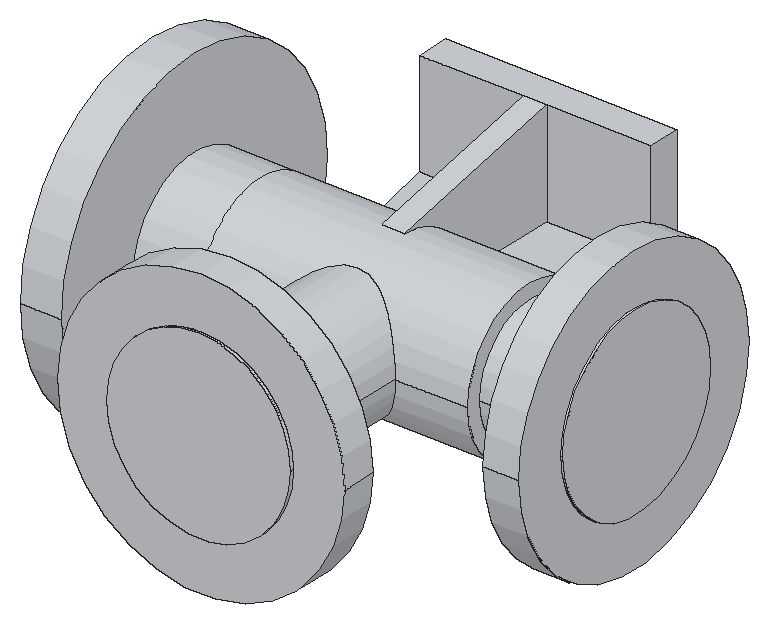
Revit family "M_Base quadrada da redução em T - Flange - GI - Classe 250", category Conexões de tubo, Revit 2019
Family settings
  Cota do conector redondo = Usar raio
  Tipo de parte = Tê
  Número OmniClass = 23.60.30.11.14
  Título OmniClass = Pipework Fittings
  ID de item do Seek = Tee Reducing Square Base - Flanged - GI - Class 250-0000-CAN-ENU
  Com base no plano de trabalho = Não
  Sempre na vertical = Sim
  Corte com vazios quando carregada = Não
  Compartilhado = Não
Parameters (values of type "Padrão")
  Tamanho da marca de cota 3 [instance] = Diâmetro da flange 3 * 0.4  # 66 mm
  Tamanho da marca de cota 2 [instance] = Diâmetro da flange 2 * 0.4  # 66 mm
  Tamanho da marca de cota 1 [instance] = Diâmetro da flange 1 * 0.4  # 76.4 mm
  Método de perda = Coeficiente K da tabela
  Nome da tabela de pesquisa = "M_Tee Reducing Square Base - Flanged - GI - Class 250"
  Comprimento 5 [instance] = Largura de base quadrada / 2  # 66.5 mm
  Largura de base quadrada [instance] = size_lookup(Nome da tabela de pesquisa, "SBW", 0.57 * Diâmetro nominal máximo 123 + 112.415 mm, Diâmetro nominal máximo 123)  # 133 mm
  Espessura das nervuras [instance] = size_lookup(Nome da tabela de pesquisa, "RThk", 0.04 * Diâmetro nominal máximo 123 + 12.898 mm, Diâmetro nominal máximo 123)  # 13 mm
  Largura das nervuras [instance] = 0.85 * Largura de base quadrada  # 113.05 mm
  Tabela de coeficiente K = "Tê flangeado"
  Centro à face 34 [instance] = if(not(Diâmetro nominal máximo 123 > 406.4 mm), Centro à face, if(and(Diâmetro nominal máximo 123 > 406.4 mm, not(Diâmetro nominal 3 > Tamanho da saída e menor)), Centro à saída da face, Centro à face))  # 140 mm
  Centro à face 12 [instance] = if(not(Diâmetro nominal máximo 123 > 406.4 mm), Centro à face, if(and(Diâmetro nominal máximo 123 > 406.4 mm, not(Diâmetro nominal 3 > Tamanho da saída e menor)), Execução do centro até a face, Centro à face))  # 140 mm
  Espessura da face elevada [instance] = 1.587 mm  # constant formula
  Raio da face elevada 3 [instance] = Diâmetro da face elevada 3 / 2  # 53 mm
  Raio da face elevada 2 [instance] = Diâmetro da face elevada 2 / 2  # 53 mm
  Raio da face elevada 1 [instance] = Diâmetro da face elevada 1 / 2  # 62.5 mm
  Diâmetro da face elevada 3 [instance] = size_lookup(Nome da tabela de pesquisa, "RFD", 1.2 * Diâmetro nominal 3 + 50.899 mm, Diâmetro nominal 3)  # 106 mm
  Diâmetro da face elevada 2 [instance] = size_lookup(Nome da tabela de pesquisa, "RFD", 1.2 * Diâmetro nominal 2 + 50.899 mm, Diâmetro nominal 2)  # 106 mm
  Diâmetro da face elevada 1 [instance] = size_lookup(Nome da tabela de pesquisa, "RFD", 1.2 * Diâmetro nominal 1 + 50.899 mm, Diâmetro nominal 1)  # 125 mm
  Raio 1 [instance] = if(Raio da flange 1 > Raio da flange 2, Raio da flange 1, Raio da flange 2)  # 95.5 mm
  Tamanho da saída e menor [instance] = size_lookup(Nome da tabela de pesquisa, "OSaS", 0.64 * Diâmetro nominal máximo 123 + 17.859 mm, Diâmetro nominal máximo 123)  # 1 mm
  Raio nominal 3 [instance] = 25 mm
  Raio nominal 2 [instance] = 25 mm
  Raio nominal 1 [instance] = 32.5 mm
  Diâmetro nominal 3 [instance] = Raio nominal 3 * 2  # 50 mm
  Diâmetro nominal 2 [instance] = Raio nominal 2 * 2  # 50 mm
  Diâmetro nominal 1 [instance] = Raio nominal 1 * 2  # 65 mm
  Espessura da parede 3 [instance] = size_lookup(Nome da tabela de pesquisa, "WThk", 0.06 * Diâmetro nominal 3 + 9.624 mm, Diâmetro nominal 3)  # 11.1 mm
  Espessura da parede 2 [instance] = size_lookup(Nome da tabela de pesquisa, "WThk", 0.06 * Diâmetro nominal 2 + 9.624 mm, Diâmetro nominal 2)  # 11.1 mm
  Espessura da parede 1 [instance] = size_lookup(Nome da tabela de pesquisa, "WThk", 0.06 * Diâmetro nominal 1 + 9.624 mm, Diâmetro nominal 1)  # 12.7 mm
  Legenda do comprimento externo 2 [instance] = Legenda do comprimento externo 1 - Espessura da flange 3  # 117.8 mm
  Legenda do comprimento externo 1 [instance] = if(not(Ângulo = 90.00°), if(not(Centro à face 34 < Comprimento externo 4), Centro à face 34, Comprimento externo 4), Centro à face 34)  # 140 mm
  Legenda do comprimento do lance [instance] = if(not(Ângulo = 90.00°), if(not(Centro à face 12 < Comprimento do lance), Centro à face 12, Comprimento do lance), Centro à face 12)  # 140 mm
  Comprimento 4 [instance] = Espessura das nervuras / 2  # 6.5 mm
  Comprimento 3 [instance] = if(Raio exterior máximo da conexão 12 > 0.5 * Largura das nervuras, 0.5 * Largura das nervuras, Raio exterior máximo da conexão 12)  # 44.7 mm
  Comprimento da flange 3 [instance] = Espessura da flange 3 - Espessura da face elevada  # 20.613 mm
  Comprimento da flange 2 [instance] = Espessura da flange 2 - Espessura da face elevada  # 20.613 mm
  Comprimento da flange 1 [instance] = Espessura da flange 1 - Espessura da face elevada  # 23.812 mm
  Centro à base [instance] = size_lookup(Nome da tabela de pesquisa, "CtB", 0.75 * Diâmetro nominal máximo 123 + 75.902 mm, Diâmetro nominal máximo 123)  # 121 mm
  Raio exterior máximo da conexão 12 [instance] = if(Raio externo da conexão 1 > Raio externo da conexão 2, Raio externo da conexão 1, Raio externo da conexão 2)  # 44.7 mm
  Comprimento 2 [instance] = (Legenda do comprimento do lance - Espessura da flange 2) * 2 / 3  # 78.533 mm
  Comprimento 1 [instance] = (Legenda do comprimento do lance - Espessura da flange 1) * 2 / 3  # 76.4 mm
  Comprimento externo 4 [instance] = if(Ângulo < 90.00°, Comprimento externo 1, if(Ângulo = 90.00°, Comprimento externo 2, Comprimento externo 3))  # 162.2 mm
  Comprimento externo 3 [instance] = if(Ângulo > 90.00°, Raio 1 / sin(180.00° - Ângulo) + Raio da flange 3 / tan(180.00° - Ângulo), 0 mm) + Espessura da flange 3  # 22.2 mm
  Comprimento externo 2 [instance] = if(Ângulo = 90.00°, Centro à face 34, 0 mm) + Espessura da flange 3  # 162.2 mm
  Comprimento externo 1 [instance] = if(Ângulo < 90.00°, Raio 1 / sin(Ângulo) + Raio da flange 3 / tan(Ângulo), 0 mm) + Espessura da flange 3  # 22.2 mm
  Comprimento do lance [instance] = Comprimento do lance 4  # 165.4 mm
  Comprimento do lance 4 [instance] = if(Ângulo < 90.00°, Comprimento do lance 1, if(Ângulo = 90.00°, Comprimento do lance 2, Comprimento do lance 3))  # 165.4 mm
  Comprimento do lance 3 [instance] = if(Ângulo > 90.00°, Raio 1 / tan(180.00° - Ângulo) + Raio da flange 3 / sin(180.00° - Ângulo), 0 mm) + Espessura da flange máxima 12  # 25.4 mm
  Comprimento do lance 2 [instance] = if(Ângulo = 90.00°, Centro à face 12, 0 mm) + Espessura da flange máxima 12  # 165.4 mm
  Comprimento do lance 1 [instance] = if(Ângulo < 90.00°, Raio 1 / tan(Ângulo) + Raio da flange 3 / sin(Ângulo), 0 mm) + Espessura da flange máxima 12  # 25.4 mm
  Raio externo da conexão 3 [instance] = Diâmetro externo da conexão 3 / 2  # 36.6 mm
  Raio externo da conexão 2 [instance] = Diâmetro externo da conexão 2 / 2  # 36.6 mm
  Raio externo da conexão 1 [instance] = Diâmetro externo da conexão 1 / 2  # 44.7 mm
  Diâmetro externo da conexão 3 [instance] = Diâmetro interior da conexão 3 + Espessura da parede 3 * 2  # 73.2 mm
  Diâmetro externo da conexão 2 [instance] = Diâmetro interno da conexão 2 + Espessura da parede 2 * 2  # 73.2 mm
  Diâmetro externo da conexão 1 [instance] = Diâmetro interno da conexão 1 + Espessura da parede 1 * 2  # 89.4 mm
  Diâmetro interior da conexão 3 [instance] = size_lookup(Nome da tabela de pesquisa, "FID", 0.97 * Diâmetro nominal 3 + 2.58 mm, Diâmetro nominal 3)  # 51 mm
  Diâmetro interno da conexão 2 [instance] = size_lookup(Nome da tabela de pesquisa, "FID", 0.97 * Diâmetro nominal 2 + 2.58 mm, Diâmetro nominal 2)  # 51 mm
  Diâmetro interno da conexão 1 [instance] = size_lookup(Nome da tabela de pesquisa, "FID", 0.97 * Diâmetro nominal 1 + 2.58 mm, Diâmetro nominal 1)  # 64 mm
  Centro à saída da face [instance] = size_lookup(Nome da tabela de pesquisa, "CtFO", 0.72 * Diâmetro nominal máximo 123 + 110.034 mm, Diâmetro nominal máximo 123)  # 1 mm
  Execução do centro até a face [instance] = size_lookup(Nome da tabela de pesquisa, "CtFR", 0.53 * Diâmetro nominal máximo 123 + 119.856 mm, Diâmetro nominal máximo 123)  # 1 mm
  Espessura da flange máxima 12 [instance] = if(Espessura da flange 1 > Espessura da flange 2, Espessura da flange 1, Espessura da flange 2)  # 25.4 mm
  Espessura da flange 3 [instance] = size_lookup(Nome da tabela de pesquisa, "FThk", 0.08 * Diâmetro nominal 3 + 21.53 mm, Diâmetro nominal 3)  # 22.2 mm
  Espessura da flange 2 [instance] = size_lookup(Nome da tabela de pesquisa, "FThk", 0.08 * Diâmetro nominal 2 + 21.53 mm, Diâmetro nominal 2)  # 22.2 mm
  Espessura da flange 1 [instance] = size_lookup(Nome da tabela de pesquisa, "FThk", 0.08 * Diâmetro nominal 1 + 21.53 mm, Diâmetro nominal 1)  # 25.4 mm
  Raio da flange 3 [instance] = Diâmetro da flange 3 / 2  # 82.5 mm
  Raio da flange 2 [instance] = Diâmetro da flange 2 / 2  # 82.5 mm
  Raio da flange 1 [instance] = Diâmetro da flange 1 / 2  # 95.5 mm
  Diâmetro da flange 3 [instance] = size_lookup(Nome da tabela de pesquisa, "FDia", 1.34 * Diâmetro nominal 3 + 106.362 mm, Diâmetro nominal 3)  # 165 mm
  Diâmetro da flange 2 [instance] = size_lookup(Nome da tabela de pesquisa, "FDia", 1.34 * Diâmetro nominal 2 + 106.362 mm, Diâmetro nominal 2)  # 165 mm
  Diâmetro da flange 1 [instance] = size_lookup(Nome da tabela de pesquisa, "FDia", 1.34 * Diâmetro nominal 1 + 106.362 mm, Diâmetro nominal 1)  # 191 mm
  Centro à face [instance] = size_lookup(Nome da tabela de pesquisa, "CtF", 0.82 * Diâmetro nominal máximo 123 + 88.702 mm, Diâmetro nominal máximo 123)  # 140 mm
  Diâmetro nominal máximo 123 [instance] = if(Diâmetro nominal 3 > Diâmetro nominal máximo 12, Diâmetro nominal 3, Diâmetro nominal máximo 12)  # 65 mm
  Diâmetro nominal máximo 12 [instance] = if(Diâmetro nominal 1 > Diâmetro nominal 2, Diâmetro nominal 1, Diâmetro nominal 2)  # 65 mm
  Espessura base [instance] = size_lookup(Nome da tabela de pesquisa, "BThk", 0.05 * Diâmetro nominal máximo 123 + 17.661 mm, Diâmetro nominal máximo 123)  # 19 mm
  Ângulo [instance] = 90.00°
Reference planes
  plane 1 "Centro (Frente/Trás)": y = 0
  plane 2: z = 0
  plane 3 "Centro (Esquerda/Direita)": x = 0
  plane 4: x = -140
  plane 5: x = -138.412
  plane 6: x = -114.6
  plane 7: x = 140
  plane 8: x = 138.413
  plane 9: x = 117.8
  plane 10: x = -76.4
  plane 11: x = 78.533
  plane 12: x = -114.6
  plane 13: x = 117.8
  plane 14: x = -76.4
  plane 15: x = 78.533
  plane 16: y = 76.4
  plane 17: y = -76.4
  plane 18: y = 66
  plane 19: y = -66
  plane 20: x = -66.5
  plane 21: x = 66.5
  plane 22: x = -44.7
  plane 23: x = 44.7
  plane 24: x = -6.5
  plane 25: x = 6.5
  plane 26: y = 121
  plane 27: y = 102
  plane 28: z = 6.5
  plane 29: z = -6.5
  plane 30: z = 66.5
  plane 31: z = -66.5
  plane 32: z = 44.7
  plane 33: z = -44.7
  plane 34: z = 66.5
  plane 35: z = -66.5
  plane 36: x = -66.5
  plane 37: x = 66.5
Forms (mm)
  Sweep 1, solid, detail levels fine
    path in 3D
      loop
        line (-140, 0, 0) -> (-138.412, 0, 0)
    profile origin (-139.206, 0, 0) x (0, 1, 0) y (0, 0, 1)
      loop
        circle (0, 0) r 62.5
  Sweep 2, solid, detail levels fine
    path in 3D
      loop
        line (-138.412, 0, 0) -> (-114.6, 0, 0)
    profile origin (-126.506, 0, 0) x (0, 1, 0) y (0, 0, 1)
      loop
        circle (0, 0) r 95.5
  Sweep 3, solid, detail levels fine
    path in 3D
      loop
        line (-114.6, 0, 0) -> (-76.4, 0, 0)
    profile origin (-95.5, 0, 0) x (0, 1, 0) y (0, 0, 1)
      loop
        circle (0, 0) r 44.7
  Sweep 4, solid, detail levels fine
    path in 3D
      loop
        line (-76.4, 0, 0) -> (78.533, 0, 0)
    profile origin (1.067, 0, 0) x (0, 1, 0) y (0, 0, 1)
      loop
        circle (0, 0) r 44.7
  Sweep 5, solid, detail levels fine
    path in 3D
      loop
        line (78.533, 0, 0) -> (117.8, 0, 0)
    profile origin (98.167, 0, 0) x (0, 1, 0) y (0, 0, 1)
      loop
        circle (0, 0) r 36.6
  Sweep 6, solid, detail levels fine
    path in 3D
      loop
        line (117.8, 0, 0) -> (138.413, 0, 0)
    profile origin (128.106, 0, 0) x (0, 1, 0) y (0, 0, 1)
      loop
        circle (0, 0) r 82.5
  Sweep 7, solid, detail levels fine
    path in 3D
      loop
        line (138.413, 0, 0) -> (140, 0, 0)
    profile origin (139.206, 0, 0) x (0, 1, 0) y (0, 0, 1)
      loop
        circle (0, 0) r 53
  Sweep 8, solid, detail levels fine
    path in 3D
      loop
        line (0, 0, 0) -> (0, -117.8, 0)
    profile origin (0, -58.9, 0) x (1, 0, 0) y (0, 0, 1)
      loop
        circle (0, 0) r 36.6
  Sweep 9, solid, detail levels fine
    path in 3D
      loop
        line (0, -117.8, 0) -> (0, -138.413, 0)
    profile origin (0, -128.106, 0) x (1, 0, 0) y (0, 0, 1)
      loop
        circle (0, 0) r 82.5
  Sweep 10, solid, detail levels fine
    path in 3D
      loop
        line (0, -138.413, 0) -> (0, -140, 0)
    profile origin (0, -139.206, 0) x (1, 0, 0) y (0, 0, 1)
      loop
        circle (0, 0) r 53
  Extrusion 11, solid, detail levels fine
    sketch origin (0, 0, 0) x (1, 0, 0) y (0, 1, 0)
      loop
        line (-66.5, 102) -> (-44.7, 0) -> (44.7, 0) -> (66.5, 102) -> (-66.5, 102)
    from -6.5 to 6.5
  Extrusion 12, solid, detail levels fine
    sketch origin (0, 0, 0) x (0, 1, 0) y (0, 0, 1)
      loop
        line (102, 66.5) -> (0, 44.7) -> (0, -44.7) -> (102, -66.5) -> (102, 66.5)
    from -6.5 to 6.5
  Extrusion 13, solid, detail levels fine
    sketch origin (0, 0, 0) x (1, 0, 0) y (0, 0, 1)
      loop
        line (-66.5, 66.5) -> (-66.5, -66.5) -> (66.5, -66.5) -> (66.5, 66.5) -> (-66.5, 66.5)
    from -121 to -102
Cuts and joins
  joined: Sweep 1, Sweep 2, Sweep 3, Sweep 4, Sweep 5, Sweep 6, Sweep 7, Sweep 8, Sweep 9, Sweep 10, Extrusion 11, Extrusion 12, Extrusion 13
Lines and regions (mm)
  model lines, detail levels coarse+medium
    curve 1: line (-140, 0, 0) -> (-138.412, 0, 0)
    curve 2: line (-138.412, 0, 0) -> (-114.6, 0, 0)
    curve 3: line (-114.6, 0, 0) -> (-76.4, 0, 0)
    curve 4: line (78.533, 0, 0) -> (117.8, 0, 0)
    curve 5: line (117.8, 0, 0) -> (138.413, 0, 0)
    curve 6: line (138.413, 0, 0) -> (140, 0, 0)
    curve 7: line (-76.4, 0, 0) -> (78.533, 0, 0)
    curve 8: line (0, 0, 0) -> (0, -117.8, 0)
    curve 9: line (0, -117.8, 0) -> (0, -138.413, 0)
    curve 10: line (0, -138.413, 0) -> (0, -140, 0)
    curve 26: line (-140, 76.4, 0) -> (-140, -76.4, 0)
    curve 27: line (140, 66, 0) -> (140, -66, 0)
    curve 28: line (0, -140, 0) -> (66, -140, 0)
    curve 29: line (0, -140, 0) -> (-66, -140, 0)
    curve 30: line (-6.5, 0, 0) -> (-6.5, 121, 0)
    curve 31: line (6.5, 121, 0) -> (6.5, 0, 0)
  reference lines
    curve 11: line (0, 0, 0) -> (0, -140, 0)
    curve 12: line (0, -140, 0) -> (0, -117.8, 0)
    curve 13: line (-140, 0, 0) -> (-114.6, 0, 0)
    curve 14: line (117.8, 0, 0) -> (140, 0, 0)
    curve 25: line (-76.4, 0, 0) -> (78.533, 0, 0)
  sketch lines
    curve 15: line (-140, 0, 0) -> (-138.412, 0, 0)
    curve 16: line (-138.412, 0, 0) -> (-114.6, 0, 0)
    curve 17: line (-114.6, 0, 0) -> (-76.4, 0, 0)
    curve 18: line (-76.4, 0, 0) -> (78.533, 0, 0)
    curve 19: line (78.533, 0, 0) -> (117.8, 0, 0)
    curve 20: line (117.8, 0, 0) -> (138.413, 0, 0)
    curve 21: line (138.413, 0, 0) -> (140, 0, 0)
    curve 22: line (0, 0, 0) -> (0, -117.8, 0)
    curve 23: line (0, -117.8, 0) -> (0, -138.413, 0)
    curve 24: line (0, -138.413, 0) -> (0, -140, 0)
Dimensions and locks
  "Espessura da face elevada": plane 4 to plane 5
  "Comprimento da flange 1": plane 5 to plane 6
  "Legenda do comprimento do lance": plane 4 to plane 3 "Centro (Esquerda/Direita)"
  "Espessura da face elevada": plane 8 to plane 7
  "Comprimento da flange 2": plane 9 to plane 8
  "Legenda do comprimento do lance": plane 3 "Centro (Esquerda/Direita)" to plane 7
  "Comprimento 1": plane 10 to plane 3 "Centro (Esquerda/Direita)"
  "Comprimento 2": plane 3 "Centro (Esquerda/Direita)" to plane 11
  "Legenda do comprimento externo 2": curve 8 to curve 8
  "Comprimento da flange 3": curve 9 to curve 9
  "Espessura da face elevada": curve 10 to curve 10
  "Legenda do comprimento externo 1": curve 11 to curve 11
  locked: curve 12 to curve 12 at 22.2
  locked: plane 14 to plane 10
  locked: plane 11 to plane 15
  "Tamanho da marca de cota 1": plane 1 "Centro (Frente/Trás)" to plane 16
  "Tamanho da marca de cota 1": plane 1 "Centro (Frente/Trás)" to plane 17
  "Tamanho da marca de cota 2": plane 1 "Centro (Frente/Trás)" to plane 18
  "Tamanho da marca de cota 2": plane 1 "Centro (Frente/Trás)" to plane 19
  "Tamanho da marca de cota 3": curve 28 to curve 28
  "Tamanho da marca de cota 3": curve 29 to curve 29
  locked: plane 13 to plane 7 at 22.2
  locked: plane 4 to plane 12 at 25.4
  "Comprimento 4": plane 24 to plane 3 "Centro (Esquerda/Direita)"
  "Comprimento 4": plane 3 "Centro (Esquerda/Direita)" to plane 25
  "Comprimento 3": plane 22 to plane 3 "Centro (Esquerda/Direita)"
  "Comprimento 3": plane 3 "Centro (Esquerda/Direita)" to plane 23
  "Comprimento 5": plane 20 to plane 3 "Centro (Esquerda/Direita)"
  "Comprimento 5": plane 3 "Centro (Esquerda/Direita)" to plane 21
  "Espessura base": plane 26 to plane 27
  "Centro à base": plane 26 to plane 1 "Centro (Frente/Trás)"
  "Comprimento 4": plane 28 to plane 2
  "Comprimento 4": plane 2 to plane 29
  "Comprimento 3": plane 32 to plane 2
  "Comprimento 3": plane 2 to plane 33
  "Comprimento 5": plane 30 to plane 2
  "Comprimento 5": plane 2 to plane 31
  "Comprimento 5": plane 3 "Centro (Esquerda/Direita)" to plane 36
  "Comprimento 5": plane 37 to plane 3 "Centro (Esquerda/Direita)"
  "Comprimento 5": plane 34 to plane 2
  "Comprimento 5": plane 2 to plane 35
  "Raio da face elevada 1": radius of Sweep 1 sketch curve
  "Raio da flange 1": radius of Sweep 2 sketch curve
  "Raio externo da conexão 1": radius of Sweep 3 sketch curve
  "Raio exterior máximo da conexão 12": radius of Sweep 4 sketch curve
  "Raio externo da conexão 2": radius of Sweep 5 sketch curve
  "Raio da flange 2": radius of Sweep 6 sketch curve
  "Raio da face elevada 2": radius of Sweep 7 sketch curve
  "Raio externo da conexão 3": radius of Sweep 8 sketch curve
  "Raio da flange 3": radius of Sweep 9 sketch curve
  "Raio da face elevada 3": radius of Sweep 10 sketch curve
  "Ângulo": angle curve 8 to plane 1 "Centro (Frente/Trás)"
  "Ângulo": angle curve 9 to plane 1 "Centro (Frente/Trás)"
  "Ângulo": angle curve 10 to plane 1 "Centro (Frente/Trás)"
  "Ângulo": angle curve 11 to plane 1 "Centro (Frente/Trás)"
  "Ângulo": angle curve 12 to plane 1 "Centro (Frente/Trás)"
  locked: curve 28 to curve 10 (angle 90.00°)
  locked: curve 10 to curve 29 (angle 90.00°)
  aligned and locked: plane 5 to curve 1
  aligned and locked: plane 4 to curve 1
  aligned and locked: plane 1 "Centro (Frente/Trás)" to curve 1
  aligned and locked: plane 6 to curve 2
  aligned and locked: plane 1 "Centro (Frente/Trás)" to curve 2
  aligned and locked: plane 10 to curve 3
  aligned and locked: plane 1 "Centro (Frente/Trás)" to curve 3
  aligned and locked: plane 9 to curve 4
  aligned and locked: plane 11 to curve 4
  aligned and locked: plane 1 "Centro (Frente/Trás)" to curve 5
  aligned and locked: plane 8 to curve 6
  aligned and locked: plane 7 to curve 6
  aligned and locked: plane 1 "Centro (Frente/Trás)" to curve 6
  aligned and locked: plane 1 "Centro (Frente/Trás)" to curve 7
  aligned and locked: plane 3 "Centro (Esquerda/Direita)" to curve 8
  aligned and locked: plane 1 "Centro (Frente/Trás)" to curve 11
  aligned and locked: plane 4 to curve 13
  aligned and locked: plane 12 to curve 13
  aligned and locked: plane 1 "Centro (Frente/Trás)" to curve 13
  aligned and locked: plane 7 to curve 14
  aligned and locked: plane 13 to curve 14
  aligned and locked: plane 1 "Centro (Frente/Trás)" to curve 14
  aligned and locked: plane 15 to curve 25
  aligned and locked: plane 14 to curve 25
  aligned and locked: plane 1 "Centro (Frente/Trás)" to curve 25
  aligned and locked: plane 16 to curve 26
  aligned and locked: plane 17 to curve 26
  aligned and locked: curve 26 to plane 4
  aligned and locked: plane 18 to curve 27
  aligned and locked: plane 19 to curve 27
  aligned and locked: curve 27 to plane 7
  aligned and locked: plane 3 "Centro (Esquerda/Direita)" to curve 11
  aligned and locked: plane 1 "Centro (Frente/Trás)" to curve 8
  aligned and locked: Extrusion 11 sketch curve to plane 27
  aligned and locked: plane 27 to Extrusion 11 sketch curve
  aligned and locked: plane 21 to Extrusion 11 sketch curve
  aligned and locked: plane 20 to Extrusion 11 sketch curve
  aligned and locked: plane 1 "Centro (Frente/Trás)" to Extrusion 11 sketch curve  (x2)
  aligned and locked: plane 23 to Extrusion 11 sketch curve
  aligned and locked: plane 22 to Extrusion 11 sketch curve
  aligned and locked: plane 28 to Extrusion 11
  aligned and locked: Extrusion 11 to plane 29
  aligned and locked: plane 27 to Extrusion 12 sketch curve  (x2)
  aligned and locked: plane 1 "Centro (Frente/Trás)" to Extrusion 12 sketch curve  (x2)
  aligned and locked: plane 30 to Extrusion 12 sketch curve
  aligned and locked: plane 32 to Extrusion 12 sketch curve
  aligned and locked: plane 33 to Extrusion 12 sketch curve
  aligned and locked: plane 31 to Extrusion 12 sketch curve
  aligned and locked: Extrusion 12 to plane 24
  aligned and locked: plane 25 to Extrusion 12
  aligned and locked: plane 26 to curve 31
  aligned and locked: curve 31 to plane 25
  aligned and locked: plane 24 to curve 30
  aligned and locked: plane 26 to curve 30
  aligned and locked: plane 20 to Extrusion 13 sketch curve
  aligned and locked: Extrusion 13 sketch curve to plane 30
  aligned and locked: plane 31 to Extrusion 13 sketch curve
  aligned and locked: Extrusion 13 sketch curve to plane 21
  aligned and locked: plane 26 to Extrusion 13
  aligned and locked: Extrusion 13 to plane 27
Automatic sketch dimensions
  Sweep 1 sketch curve to profile plane = 0 mm  (x2)
  Sweep 2 sketch curve to profile plane = 0 mm  (x2)
  Sweep 3 sketch curve to profile plane = 0 mm  (x2)
  Sweep 4 sketch curve to profile plane = 0 mm  (x2)
  Sweep 5 sketch curve to profile plane = 0 mm  (x2)
  Sweep 6 sketch curve to profile plane = 0 mm  (x2)
  Sweep 7 sketch curve to profile plane = 0 mm  (x2)
  Sweep 8 sketch curve to profile plane = 0 mm  (x2)
  Sweep 9 sketch curve to profile plane = 0 mm  (x2)
  Sweep 10 sketch curve to profile plane = 0 mm  (x2)
Connectors
  piping at (-140, 0, 0), diameter 65, driven by "Raio nominal 1"
    settings: on cut or joined group 1 (Sweep 1, Sweep 2, Sweep 3, Sweep 4, Sweep 5, Sweep 6, Sweep 7, Sweep 8, Sweep 9, Sweep 10, Extrusion 11, Extrusion 12, Extrusion 13), index 1, connector inside diameter 65 mm, connector length 0 mm, flow factor 0, pipe flow 0.0 L/s, pressure drop 0.0 Pa, fitting loss kfactor 0, connector angle 0.00°, fixture units 0, engagement length 0 mm, angle of deflection 0.00°, flow configuration 0, flow direction 0, fitting loss method 0, system type 28, joint type 0, gender type 0, connector reference index 2, connector utility 0, adjustable connector no, is connector primary yes, connector description ""
  piping at (140, 0, 0), diameter 50, driven by "Raio nominal 2"
    settings: on cut or joined group 1, index 2, connector inside diameter 50 mm, connector length 0 mm, flow factor 0, pipe flow 0.0 L/s, pressure drop 0.0 Pa, fitting loss kfactor 0, connector angle 0.00°, fixture units 0, engagement length 0 mm, angle of deflection 0.00°, flow configuration 0, flow direction 0, fitting loss method 0, system type 28, joint type 0, gender type 0, connector reference index 1, connector utility 0, adjustable connector no, is connector primary no, connector description ""
  piping at (0, -140, 0), diameter 50, driven by "Raio nominal 3", driven by "Ângulo"
    settings: on cut or joined group 1, index 3, connector inside diameter 50 mm, connector length 0 mm, flow factor 0, pipe flow 0.0 L/s, pressure drop 0.0 Pa, fitting loss kfactor 0, connector angle 90.00°, fixture units 0, engagement length 0 mm, angle of deflection 0.00°, flow configuration 0, flow direction 0, fitting loss method 0, system type 28, joint type 0, gender type 0, connector reference index -1, connector utility 0, adjustable connector no, is connector primary no, connector description ""
